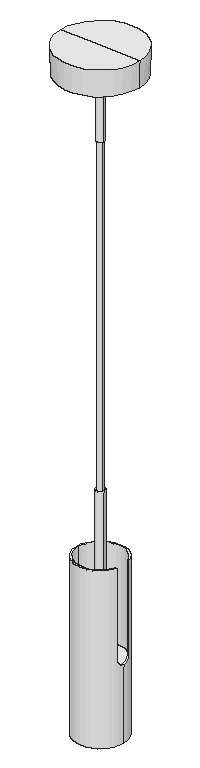
Revit family "Lighting_Pendants_Nordlux_MIB-6", category Lighting Fixtures, host Ceiling, Revit 2017
Family settings
  Host = Ceiling
  Round Connector Dimension = Use Diameter
  Part Type = Normal
  OmniClass Number = 23.80.70.11
  OmniClass Title = Luminaries for Internal Lighting
  Always vertical = Yes
  Cut with Voids When Loaded = No
  Light Source = Yes
  Shared = No
  Room Calculation Point = No
Parameters (values of type "MIB 6 - white")
  Wattage = 6.7321 W
  WarrantyStartDate [instance] = "n/a"
  WarrantyGuarantorParts = "n/a"
  WarrantyGuarantorLabor = "n/a"
  WarrantyDurationUnit = "Hours"
  WarrantyDurationParts = "n/a"
  WarrantyDurationLabor = "n/a"
  WarrantyDescription = "n/a"
  built-in parameter 1150110 = 1 (stored number, unit not read)
  VersionDate = "01/07/2020"  # constant formula
  Version = "1"  # constant formula
  UsageCurrent = 0 A
  Uniclass2015Reference = "Pr_70_70_48_62"
  Uniclass2015Description = "Pendant  luminaires"
  Uniclass2 = "Pr_70_70_49_86"
  URL = "https://www.nordlux.com/products/product/71679901"
  TotalWattage = 8 W
  built-in parameter 1114217 = 1 (stored number, unit not read)
  Tilt Angle = 90.00°
  built-in parameter 1150109 = 1 (stored number, unit not read)
  built-in parameter 1150134 = (empty or 0)
  TagNumber [instance] = "n/a"
  SustainabilityPerformance = "n/a"
  built-in parameter 1150113 = 1 (stored number, unit not read)
  Socket = "GU10"
  Size = "Shade: 60x60x270 mm / Canopy: 105x105x25 mm"
  Shape = "Sculptured"
  SerialNumber [instance] = "n/a"
  Revision = "1"  # constant formula
  ReplacementCost = "n/a"
  ProductInformation = "n/a"
  Product data url = "https://www.bimobject.com/nordlux/product/mib_6_gu10_pendant"
  Photometric Web File = "7167 Mib 6 Pendel.ies"
  PhaseReference = "n/a"
  PhaseAngle = 0.00°
  NumberOfSources = 0
  NumberOfPoles = 1
  NominalWidth = NominalDiameter  # 100 mm
  NominalVoltageCalc = 0 V
  NominalVoltage = 230 V
  NominalRadius = NominalDiameter / 2  # 50 mm
  NominalLength = NominalDiameter  # 100 mm
  NominalHeight [instance] = CableLengthControl + 275 mm  # 775 mm
  NominalFrequencyRange = 50 Hz
  NominalDiameter = 100 mm
  NominalCurrent = 0 A
  Name = "MIB-6"  # constant formula
  NBSReference = "90-60-50/405"
  NBSDescription = "General purpose luminaires"
  ModelReference = ArticleNumber  # "71679901"
  ModelNumber = "n/a"
  Model = "MIB 6 - white"
  Material = "Metal & textile"
  ManufacturersSpecificInformation = "n/a"
  ManufacturerURL = "https://www.nordlux.com/"
  ManufacturerName = "Nordlux"
  Manufacturer = "Nordlux"
  MaintenanceFactor = 0
  Lumens = 1000 lm
  built-in parameter 1150115 = 1 (stored number, unit not read)
  built-in parameter 1150105 = 360.88 (stored number, unit not read)
  LightSource = "Not included"
  LightFixtureSecondaryMaterial = White cable
  LightFixturePlacingType = "Ceilling"
  LightFixtureMountingType = "Suspended"
  LightFixtureMainMaterial = White
  built-in parameter 1150137 = (empty or 0)
  built-in parameter 1150139 = (empty or 0)
  LensMaterial = Glass
  built-in parameter 1150112 = 1 (stored number, unit not read)
  built-in parameter 1150114 = 1 (stored number, unit not read)
  InsulationStandardClass = "Class 2 (Double isolated)"
  InstallationDate [instance] = "n/a"
  built-in parameter 1150132 = 2
  built-in parameter 1150102 = (empty or 0)
  built-in parameter 1150138 = (empty or 0)
  built-in parameter 1150107 = 3000 (stored number, unit not read)
  built-in parameter 1150106 = 3.6088 (stored number, unit not read)
  IfcExportType = "NOTDEFINED"  # constant formula
  IfcExportAs = "IfcLightFixtureType"  # constant formula
  IP_Code = "IP20"
  HasProtectiveEarth = no
  Grade = "n/a"
  Finish = "Primary material metal, textile cable"
  Features = "Textile cable 300cm. Cable can not be replaced."
  ExpectedLife = "n/a"
  EnergyClass = "A++ - A"
  Emit from Circle Diameter = 50 mm
  Emit Shape Visible in Rendering = no
  ElectricalDeviceNominalPower = 0
  built-in parameter 1150104 = 13.8 (stored number, unit not read)
  EANNumber = "5701581332485"
  DurationUnit = "Hours"
  Dimming Lamp Color Temperature Shift = <None>
  Designer = "Bonnelycke MDD"
  Description = "The MIB collection is based on classical virtues of design, with an emphasis on simplicity. The adjustable lamp head provides a sleek and Nordic design look. MIB is available in several variations, and as a collection offers a great variety of applications. An indestructible lighting collection that spreads light and joy in any modern home. Design by Bønnelycke MDD. The minimalist MIB series is steeped in Nordic elegance and boasts excellent usability. MIB 6 invites you to put the spotlight on life. The narrow lamp head emits a precise and narrow directional light."
  DefaultElevation = 0 mm
  ConvergoRefNr = "0143-1909-0008-DK"
  Constituents = "n/a"
  Color Filter = 16777215
  Color = "White"
  Collection = "MIB 6"
  CodePerformance = "n/a"
  Category = "Indoor lighting"
  CableLengthControl [instance] = if(CableLength < 250 mm, 250 mm, if(CableLength > 3000 mm, 3000 mm, CableLength))  # 500 mm
  CableLength [instance] = 500 mm
  Brand = "Nordlux"
  Barcode [instance] = "n/a"
  built-in parameter 1114218 = 1 (stored number, unit not read)
  BIMObjectName = "Lighting_Pendants_Nordlux_MIB-6"  # constant formula
  Author = "Convergo AB"  # constant formula
  built-in parameter 1150133 = 10 (stored number, unit not read)
  AssetType = "Fixed"
  AssetIdentifier [instance] = "n/a"
  ArticleNumber = "71679901"
  AccessibilityPerformance = "n/a"
Types (3, lengths in mm): name | URL | ModelReference | Model | LightFixtureSecondaryMaterial | LightFixtureMainMaterial | EANNumber | Color | ArticleNumber
  MIB 6 - white | "https://www.nordlux.com/products/product/71679901" | "71679901" | "MIB 6 - white" | White cable | White | "5701581332485" | "White" | "71679901"
  MIB 6 - black | "https://www.nordlux.com/products/product/71679903" | "71679903" | "MIB 6 - black" | Black cable | Black | "5701581324084" | "Black" | "71679903"
  MIB 6 - grey | "https://www.nordlux.com/products/product/71679911" | "71679911" | "MIB 6 - grey" | Grey cable | Grey | "5701581475786" | "Grey" | "71679911"
Reference planes
  plane 1 "Light Source Axis (F/B)": y = 0
  plane 2: z = 0
  plane 3 "Light Source Axis (L/R)": x = 0
  plane 4 "Ceiling": z = 4000
  plane 5 "Light Source Elevation": z = 3235
  plane 6: x = -50
  plane 7: y = 50
  plane 8: x = 50
  plane 9: y = -50
  plane 10: z = 3500
  plane 11: z = 3225
Forms (mm)
  Extrusion 1, solid, material "White" <- "LightFixtureMainMaterial", detail levels coarse
    sketch origin (0, 6000, 3224.2) x (0, 1, 0) y (1, 0, 0)
      loop
        line (-5950, -50) -> (-5950, 50) -> (-6050, 50) -> (-6050, -50) -> (-5950, -50)
    from -0.8 to -775.8
Lines and regions (mm)
  symbolic lines
    curve 1: line (3, 0, 4000) -> (-3, 0, 4000)
  symbolic lines, detail levels medium+fine
    curve 2: line (3.5, 0, 3893.785) -> (3.5, 0, 3500)
    curve 3: line (0, 3.5, 3893.785) -> (0, 3.5, 3500)
    curve 4: line (-3.5, 0, 3893.785) -> (-3.5, 0, 3500)
    curve 5: line (0, -3.5, 3893.785) -> (0, -3.5, 3500)
Dimensions and locks
  equal spacing: host sketch curve, plane 3 "Light Source Axis (L/R)", host sketch curve
  equal spacing: host sketch curve, plane 1 "Light Source Axis (F/B)", host sketch curve
  host sketch curve to host sketch curve = 4000 mm  (x2)
  locked: plane 4 "Ceiling" to host ceiling at 0
  equal spacing: plane 9, plane 1 "Light Source Axis (F/B)", plane 7
  "NominalDiameter": plane 7 to plane 9
  equal spacing: plane 6, plane 3 "Light Source Axis (L/R)", plane 8
  "NominalDiameter": plane 6 to plane 8
  "CableLengthControl": plane 10 to plane 4 "Ceiling"
  "NominalHeight": plane 11 to plane 4 "Ceiling"
  locked: plane 11 to plane 5 "Light Source Elevation" at 10
  aligned and locked: plane 3 "Light Source Axis (L/R)" to imposter light
  aligned and locked: plane 1 "Light Source Axis (F/B)" to imposter light
  aligned and locked: plane 5 "Light Source Elevation" to imposter light
  aligned and locked: plane 4 "Ceiling" to curve 1  (x2)
  aligned and locked: plane 7 to Extrusion 1 sketch curve
  aligned and locked: plane 6 to Extrusion 1 sketch curve
  aligned and locked: plane 9 to Extrusion 1 sketch curve
  aligned and locked: plane 8 to Extrusion 1 sketch curve
  aligned and locked: Extrusion 1 to plane 4 "Ceiling"
  aligned and locked: plane 11 to Extrusion 1
  aligned and locked: plane 11 to nested 1
  aligned and locked: nested 2 to plane 4 "Ceiling"
  aligned and locked: curve 2 to nested 2
  aligned and locked: curve 4 to nested 2
  aligned and locked: nested 1 to curve 2
  aligned and locked: nested 1 to curve 4
  aligned and locked: nested 1 to curve 3
  aligned and locked: nested 1 to curve 5
  aligned and locked: nested 2 to curve 3
  aligned and locked: nested 2 to curve 5
  aligned and locked: plane 4 "Ceiling" to nested 2
Automatic sketch dimensions
  curve 4 to plane 3 "Light Source Axis (L/R)" = 3.5 mm
  curve 1 to plane 3 "Light Source Axis (L/R)" = 3 mm
  plane 3 "Light Source Axis (L/R)" to curve 1 = 3 mm
  plane 3 "Light Source Axis (L/R)" to curve 2 = 3.5 mm
  plane 1 "Light Source Axis (F/B)" to curve 5 = 3.5 mm
  curve 3 to plane 1 "Light Source Axis (F/B)" = 3.5 mm
Nested families
  nested 1: "MIB6_Pendant" at (0, 0, 3225), Metal <- "LightFixtureMainMaterial", Glass <- "LensMaterial", type "MIB6_Pendant"
    with Metal White, Glass Glass
  nested 2: "MIB6_Cable" at (0, 0, 4000) x (1, 0, 0) z (0, 0, -1), Cable <- "LightFixtureSecondaryMaterial", Metal <- "LightFixtureMainMaterial", CableLength <- "CableLengthControl", type "MIB6_Cable"
    with Metal White, CableLength 500 mm, Cable White cable
Connectors
  electrical at (0, 0, 4000), driven by "NumberOfPoles", driven by "NominalVoltage"
    settings: on nested 2, index 1, voltage 230 V, apparent load 0 VA, apparent load phase1 0 VA, apparent load phase2 0 VA, apparent load phase3 0 VA, power factor 1, load classification "Other", number of poles 1, system type 31, power factor state 1, is connector primary yes, connector utility no, sub classification motor no, connector description ""
Definition of nested family "MIB6_Pendant"
  Parameters (values of type "MIB6_Pendant")
    Metal [instance] = none
    Glass [instance] = none
  Reference planes
    plane 1 "Center (Front/Back)": y = 0
    plane 2: z = 0
    plane 3 "Center (Left/Right)": x = 0
    plane 4: z = 200
    plane 5: x = -30
    plane 6: x = 30
    plane 7: y = 30
    plane 8: y = -30
    plane 9: z = 275
    plane 10: z = 10
  Forms (mm)
    Revolve 1, solid, material <- "Metal", detail levels medium+fine
      sketch origin (0, 0, 0) x (1, 0, 0) y (0, 0, 1)
        loop
          line (-28.25, 0) -> (-28.25, 86) -> (0, 86) -> (0, 87.5) -> (-28.25, 87.5) -> (-28.25, 200) -> (-30, 200) -> (-30, 0) -> (-28.25, 0)
        axis (0, 200) -> (0, 0)
      angle from 0 to 360
    Revolve 2, solid, material <- "Glass", detail levels medium+fine
      sketch origin (0, 0, 0) x (1, 0, 0) y (0, 0, 1)
        loop
          line (-24.52, 10.004) -> (0, 10.004) -> (0, 57.001) -> (-10.478, 57.001) -> (-10.478, 31.288)
          arc (-10.478, 31.288) -> (-18.558, 22.991) -> (-23.02, 12.304) r 30.926
          line (-23.02, 12.304) -> (-24.52, 12.304)
          arc (-24.52, 12.304) -> (-24.874, 12.158) -> (-25.02, 11.804) r 0.5
          line (-25.02, 11.804) -> (-25.02, 10.504)
          arc (-25.02, 10.504) -> (-24.874, 10.151) -> (-24.52, 10.004) r 0.5
        axis (0, 57.001) -> (0, 10.004)
      angle from 0 to 360
    Revolve 3, solid, material <- "Metal", detail levels medium+fine
      sketch origin (0, 0, 0) x (1, 0, 0) y (0, 0, 1)
        loop
          line (-14.052, 51.001) -> (0, 51.001) -> (0, 275) -> (-5, 275) -> (-5, 126.323) -> (-6.268, 126.323) -> (-6.268, 91.323) -> (-4.005, 91.323) -> (-4.005, 88.978) -> (-5.007, 88.978) -> (-5.007, 75.879) -> (-11.659, 75.879)
          arc (-11.659, 75.879) -> (-12.028, 75.762) -> (-12.264, 75.455) r 0.644
          line (-12.264, 75.455) -> (-15.119, 67.621)
          arc (-15.119, 67.621) -> (-15.254, 67.116) -> (-15.3, 66.594) r 3
          line (-15.3, 66.594) -> (-15.3, 62.279) -> (-14.052, 62.279) -> (-14.052, 51.001)
        axis (0, 275) -> (0, 51.001)
      angle from 0 to 360
    Extrusion 4, void
      sketch origin (0, 0, 0) x (0, 1, 0) y (0, 0, 1)
        loop
          line (-10, 200) -> (-10, 98)
          arc (-10, 98) -> (0, 88) -> (10, 98) r 10
          line (10, 98) -> (10, 200) -> (-10, 200)
      from 13.922 to 37.907
  Cuts and joins
    Extrusion 4 cuts Revolve 1
  Lines and regions (mm)
    symbolic lines, detail levels medium+fine
      curve 1: line (0, 30, 0) -> (0, -30, 0)
      curve 2: line (0, -30, 0) -> (0, -30, 200)
      curve 3: line (0, -30, 200) -> (0, -5, 200)
      curve 4: line (0, 30, 0) -> (0, 30, 200)
      curve 5: line (0, 30, 200) -> (0, 5, 200)
      curve 6: line (0, 5, 275) -> (0, 5, 200)
      curve 7: line (0, -5, 275) -> (0, -5, 200)
      curve 9: line (0, 3.5, 275) -> (0, 5, 275)
      curve 11: line (0, -3.5, 275) -> (0, -5, 275)
      curve 33: line (-30, 0, 0) -> (30, 0, 0)
      curve 34: line (30, 0, 0) -> (30, 0, 88)
      curve 35: line (-30, 0, 0) -> (-30, 0, 200)
      curve 36: line (-30, 0, 200) -> (-5, 0, 200)
      curve 37: line (28.284, 0, 200) -> (5, 0, 200)
      curve 38: line (28.284, 0, 98) -> (28.284, 0, 200)
      curve 39: line (30, 0, 88) -> (28.284, 0, 98)
      curve 40: line (5, 0, 200) -> (5, 0, 275)
      curve 41: line (-5, 0, 200) -> (-5, 0, 275)
      curve 44: line (-3.5, 0, 275) -> (-5, 0, 275)
      curve 46: line (3.5, 0, 275) -> (5, 0, 275)
    symbolic lines, detail levels fine
      curve 8: line (0, 0, 275) -> (0, 3.5, 275)
      curve 10: line (0, 0, 275) -> (0, -3.5, 275)
      curve 12: line (0, -10, 200) -> (0, -10, 98)
      curve 13: arc (0, -10, 98) -> (0, 0, 88) -> (0, 10, 98) r 10
      curve 14: line (0, 10, 98) -> (0, 10, 200)
      curve 15: line (0, -5, 200) -> (0, -5, 126.323)
      curve 16: line (0, -6.471, 126.323) -> (0, -5, 126.323)
      curve 17: line (0, -6.471, 126.323) -> (0, -6.471, 91.323)
      curve 18: line (0, -6.471, 91.323) -> (0, -4.035, 91.323)
      curve 19: line (0, -4.035, 91.323) -> (0, -4.035, 88.85)
      curve 20: line (0, -5, 126.323) -> (0, 0, 126.323)
      curve 21: line (0, -3.147, 91.323) -> (0, -3.147, 100.323)
      curve 22: line (0, 2.15, 101.323) -> (0, -2.15, 101.323)
      curve 23: arc (0, -3.147, 100.323) -> (0, -2.855, 101.029) -> (0, -2.15, 101.323) r 1
      curve 24: line (0, -4.035, 91.323) -> (0, 4.035, 91.323)
      curve 25: line (0, 6.471, 126.323) -> (0, 5, 126.323)
      curve 26: line (0, 6.471, 126.323) -> (0, 6.471, 91.323)
      curve 27: line (0, 6.471, 91.323) -> (0, 4.035, 91.323)
      curve 28: line (0, 4.035, 91.323) -> (0, 4.035, 88.85)
      curve 29: line (0, 5, 126.323) -> (0, 0, 126.323)
      curve 30: line (0, 3.147, 91.323) -> (0, 3.147, 100.323)
      curve 31: arc (0, 3.147, 100.323) -> (0, 2.855, 101.029) -> (0, 2.15, 101.323) r 1
      curve 32: line (0, 5, 200) -> (0, 5, 126.323)
      curve 42: line (-5, 0, 200) -> (5, 0, 200)
      curve 43: line (0, 0, 275) -> (-3.5, 0, 275)
      curve 45: line (0, 0, 275) -> (3.5, 0, 275)
      curve 47: circle (0, 0, 0) r 30 normal (0, 0, 1)
      curve 48: circle (0, 0, 0) r 28.25 normal (0, 0, 1)
      curve 49: circle (0, 0, 0) r 25 normal (0, 0, 1)
  Dimensions and locks
    aligned and locked: level to plane 2
Definition of nested family "MIB6_Cable"
  Parameters (values of type "MIB6_Cable")
    Metal [instance] = none
    Default Elevation = 1219.2 mm
    CableLength [instance] = 250 mm
    Cable [instance] = none
  Reference planes
    plane 1 "Center (Front/Back)": y = 0
    plane 2: z = 0
    plane 3 "Center (Left/Right)": x = 0
  Forms (mm)
    Extrusion 1, solid, material <- "Cable", detail levels medium+fine
      sketch origin (0, 0, 0) x (1, 0, 0) y (0, 1, 0)
        loop
          circle (0, 0) r 3.5
      from 10 to 250 <- "CableLength"
    Revolve 2, solid, material <- "Metal", detail levels medium+fine
      sketch origin (0, 0, 0) x (1, 0, 0) y (0, 0, 1)
        loop
          line (-50.021, 0) -> (0, 0) -> (0, 106.215) -> (-4.905, 106.215) -> (-4.905, 30.521) -> (-49.133, 30.521) -> (-50.021, 0)
        axis (0, 106.215) -> (0, 0)
      angle from 0 to 360
  Lines and regions (mm)
    symbolic lines, detail levels medium+fine
      curve 1: line (-49.133, 0, 30.521) -> (-50.021, 0, 0)
      curve 2: line (-50.021, 0, 0) -> (0, 0, 0)
      curve 3: line (-49.133, 0, 30.521) -> (-4.905, 0, 30.521)
      curve 4: line (-4.905, 0, 30.521) -> (-4.905, 0, 106.215)
      curve 6: line (-3.5, 0, 106.215) -> (-4.905, 0, 106.215)
      curve 8: line (49.133, 0, 30.521) -> (50.021, 0, 0)
      curve 9: line (50.021, 0, 0) -> (0, 0, 0)
      curve 10: line (49.133, 0, 30.521) -> (4.905, 0, 30.521)
      curve 11: line (4.905, 0, 30.521) -> (4.905, 0, 106.215)
      curve 13: line (3.5, 0, 106.215) -> (4.905, 0, 106.215)
      curve 15: line (0, 0, 0) -> (0, 50.021, 0)
      curve 17: line (0, 50.021, 0) -> (0, 49.133, 30.521)
      curve 18: line (0, 4.905, 106.215) -> (0, 4.905, 30.521)
      curve 19: line (0, 4.905, 30.521) -> (0, 49.133, 30.521)
      curve 20: line (0, 4.905, 106.215) -> (0, 3.5, 106.215)
      curve 22: line (0, 0, 0) -> (0, -50.021, 0)
      curve 24: line (0, -50.021, 0) -> (0, -49.133, 30.521)
      curve 25: line (0, -4.905, 106.215) -> (0, -4.905, 30.521)
      curve 26: line (0, -4.905, 30.521) -> (0, -49.133, 30.521)
      curve 27: line (0, -4.905, 106.215) -> (0, -3.5, 106.215)
      curve 29: circle (0, 0, 0) r 50.021 normal (0, 0, 1)
    symbolic lines, detail levels fine
      curve 5: line (0, 0, 106.215) -> (-3.5, 0, 106.215)
      curve 7: line (-4.905, 0, 30.521) -> (0, 0, 30.521)
      curve 12: line (0, 0, 106.215) -> (3.5, 0, 106.215)
      curve 14: line (4.905, 0, 30.521) -> (0, 0, 30.521)
      curve 16: line (0, 0, 30.521) -> (0, 4.905, 30.521)
      curve 21: line (0, 3.5, 106.215) -> (0, 0, 106.215)
      curve 23: line (0, 0, 30.521) -> (0, -4.905, 30.521)
      curve 28: line (0, -3.5, 106.215) -> (0, 0, 106.215)
  Dimensions and locks
    aligned and locked: level to plane 2
